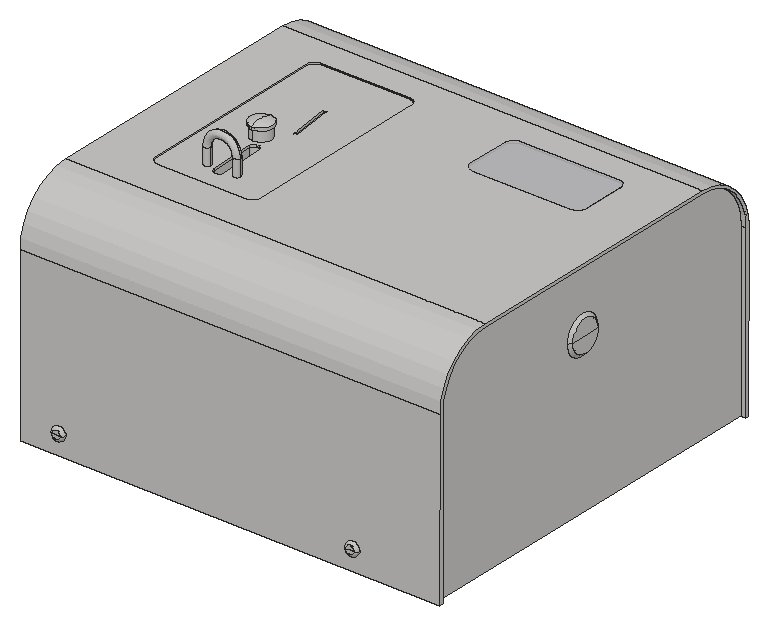
Revit family "PRD_FrankeWS_Cn-oprtdLcks_AQUAPAYCoin-operatedController_AQUA801_AQUA803", category Plumbing Fixtures, host Face, Revit 2018
Family settings
  Host = Face
  Round Connector Dimension = Use Diameter
  Part Type = Normal
  OmniClass Number = 23.45.05.14.99
  OmniClass Title = Other Sanitary Washing Plumbing Fixtures
  Cut with Voids When Loaded = Yes
  Shared = Yes
  Room Calculation Point = No
Parameters (values of type "AQUA801")
  WarrantyStartDate [instance] = "1900-12-31T23:59:59"
  WarrantyGuarantorParts = "n/a"
  WarrantyGuarantorLabor = "n/a"
  WarrantyDurationUnit = "year"
  WarrantyDurationParts = "n/a"
  WarrantyDurationLabor = "n/a"
  WarrantyDescription = "n/a"
  Version = "1"
  Uniclass2015Version = "Products v1.17"
  Uniclass2015Title = "Coin-operated locks"
  Uniclass2015Code = "Pr_30_36_08_15"
  URL = "www.kwc.com"
  TokenCoin = "0.5"
  Status = "New"
  Reference = "n/a"
  ProtectiveSystemIP = "22"
  ProductCode = "210.0636.621"
  PowerSupplyConnection = "24 V DC"
  PowerConsumption = "3"
  GeneralMaterial = PRD_AR_StainlessSteel_Rugged
  TagNumber [instance] = "n/a"
  SustainabilityPerformance = "n/a"
  Size = "240 x 220 x 130 mm (W x H x D)"
  Shape = "Cuboid"
  SerialNumber [instance] = "n/a"
  Revision = "n/a"
  ReplacementCost = "n/a"
  ProductInformation = "https://pim.kwc.com/product/2000100342/attachment/datasheet?locale=en"
  NominalWidth = 240.00 mm
  NominalHeight = 220.00 mm
  NominalDepth = 130.00 mm
  NetWeight = 3.53 kg
  Name = "AQUAPAY Coin-operated controller AQUA801"
  NBSTypeID = "n/a"
  NBSReference = "n/a"
  NBSOfficeMasterTag = "n/a"
  NBSNote = "n/a"
  NBSDescription = "n/a"
  NBSCertification = "n/a"
  ModelReference = "AQUA801"
  ModelNumber = "2000100342"
  Model = ModelReference  # "AQUA801"
  Material = "Stainless steel"
  ManufacturerURL = "www.kwc.com"
  ManufacturerName = "KWC Group AG"  # constant formula
  Manufacturer = ManufacturerName  # "KWC Group AG"
  IntegralAccessories = "n/a"
  InstallationDate [instance] = "1900-12-31T23:59:59"
  IfcExportType = "USERDEFINED"
  IfcExportAs = "IfcControllerType"
  GrossWeight = 3.97 kg
  Grade = "n/a"
  Finish = "rugged"
  Features = "controlling one A3000 open shower fitting"
  ExpectedLife = "n/a"
  DurationUnit = "year"
  Description = "AQUAPAY coin-operated controller for chargeable water delivery for controlling one A3000 open shower fitting. Shower duration for one coin is selectable in steps of one second up to a total of 8 minutes, preset to 3 minutes. Automatic interruption of shower-duration when water is not being withdrawn. Rugged stainless steel housing for on-wall mounting with safety lock. Model for coins EURO 0.50, 24 V DC."
  Default Elevation = 1100.00 mm
  CreatedOn = "07/2021"  # constant formula
  Constituents = "n/a"
  Color = "n/a"
  CodePerformance = "n/a"
  Category = "Pr_30_36_08_15, Coin-operated locks"
  BarCode [instance] = "n/a"
  BIMObjectName = "PRD_AR_Coin-operatedLocks_AQUAPAYCoin-operatedController_AQUA801"
  Author = "Archispace"  # constant formula
  AssetType = "Fixed"
  AssetIdentifier [instance] = "n/a"
  Application = "Shower taps"
  AccessibilityPerformance = "n/a"
  AQUA803 = not(AQUA801)  # no
  AQUA801 = yes
Types (2, lengths in mm): name | ProductCode | PowerConsumption | ProductInformation | Name | ModelReference | ModelNumber | Model | Features | Description | BIMObjectName | AQUA803 | AQUA801
  AQUA801 | "210.0636.621" | "3" | "https://pim.kwc.com/product/2000100342/attachment/datasheet?locale=en" | "AQUAPAY Coin-operated controller AQUA801" | "AQUA801" | "2000100342" | "AQUA801" | "controlling one A3000 open shower fitting" | "AQUAPAY coin-operated controller for chargeable water delivery for controlling one A3000 open shower fitting. Shower duration for one coin is selectable in steps of one second up to a total of 8 minutes, preset to 3 minutes. Automatic interruption of shower-duration when water is not being withdrawn. Rugged stainless steel housing for on-wall mounting with safety lock. Model for coins EURO 0.50, 24 V DC." | "PRD_AR_Coin-operatedLocks_AQUAPAYCoin-operatedController_AQUA801" | no | yes
  AQUA803 | "210.0636.622" | "10" | "https://pim.kwc.com/product/2000100419/attachment/datasheet?locale=en" | "AQUAPAY Coin-operated controller AQUA803" | "AQUA803" | "2000100419" | "AQUA803" | "controlling 2 - 31 A3000 open shower fittings" | "AQUAPAY coin-operated controller for chargeable water delivery for controlling 2 - 31 A3000 open shower fittings. Display for user guide and showing free showers, selectable via key. Shower duration for one coin is selectable in steps of one second up to a total of 8 minutes, preset to 3 minutes. Automatic interruption of shower-duration when water is not being withdrawn. Rugged stainless steel housing for on-wall mounting with safety lock. Model for coins EURO 0.50, 24 V DC." | "PRD_AR_Coin-operatedLocks_AQUAPAYCoin-operatedController_AQUA803" | yes | no
Reference planes
  plane 1 "Center (Front/Back)": y = 0
  plane 2: z = 0
  plane 3 "Center (Left/Right)": x = 0
Lines and regions (mm)
  symbolic lines, style "PlumbingFixtures", detail levels fine
    curve 1: line (0, 23.519, 0) -> (0, -23.519, 0)
Dimensions and locks
  aligned and locked: plane 2 to host face
  aligned and locked: level to host face
  aligned and locked: level to nested 1
  aligned and locked: plane 1 "Center (Front/Back)" to nested 1
Nested families
  nested 1: "Controller" at (0, 0, 0) x (1, 0, 0) z (0, 1, 0), Button <- "AQUA803", type "Controller"
    with Cutout 0.00 mm, Button no
Definition of nested family "Controller"
  Parameters (values of type "Controller")
    width = 240.00 mm
    SecondaryMaterial = none
    ScreenMaterial = none
    Material = none
    Default Elevation = 1219.20 mm
    Cutout [instance] = if(Button, 0.50 mm, 0.00 mm)  # 0.50 mm
    Button [instance] = yes
  Reference planes
    plane 1 "Center (Front/Back)": y = 0
    plane 2: z = 0
    plane 3 "Center (Left/Right)": x = 0
    plane 4: x = -120
    plane 5: x = 120
    plane 6: z = 220
    plane 7: y = -130
    plane 8: y = -129.5
  Forms (mm)
    Extrusion 1, solid, material <- "Material", detail levels fine
      sketch origin (0, 0, 0) x (0, 1, 0) y (0, 0, 1)
        loop
          line (0, 0) -> (0, 1.5) -> (-97.5, 1.5)
          arc (-97.5, 1.5) -> (-119.42, 10.58) -> (-128.5, 32.5) r 31
          line (-128.5, 32.5) -> (-128.5, 187.5)
          arc (-128.5, 187.5) -> (-119.42, 209.42) -> (-97.5, 218.5) r 31
          line (-97.5, 218.5) -> (0, 218.5) -> (0, 220) -> (-97.5, 220)
          arc (-97.5, 220) -> (-120.481, 210.481) -> (-130, 187.5) r 32.5
          line (-130, 187.5) -> (-130, 32.5)
          arc (-130, 32.5) -> (-120.481, 9.519) -> (-97.5, 0) r 32.5
          line (-97.5, 0) -> (0, 0)
      from -120 to 120
    Extrusion 2, solid, material <- "Material", detail levels fine
      sketch origin (0, 0, 0) x (0, 1, 0) y (0, 0, 1)
        loop
          line (0, 1.5) -> (0, 218.5) -> (-97.5, 218.5)
          arc (-97.5, 218.5) -> (-119.42, 209.42) -> (-128.5, 187.5) r 31
          line (-128.5, 187.5) -> (-128.5, 32.5)
          arc (-128.5, 32.5) -> (-119.42, 10.58) -> (-97.5, 1.5) r 31
          line (-97.5, 1.5) -> (0, 1.5)
      from -117 to 117
    Revolve 3, solid, material <- "SecondaryMaterial", detail levels fine
      sketch origin (-419.993, -91.6, 583.704) x (0, 0, -1) y (1, 0, 0)
        loop
          line (467.704, 536.993) -> (478.704, 536.993) -> (478.704, 538.993) -> (469.704, 538.993) -> (467.704, 536.993)
        axis (478.704, 536.993) -> (478.704, 538.993)
      angle from 0 to 360
    Extrusion 4, void
      sketch origin (0, 0, 0) x (1, 0, 0) y (0, 0, 1)
        loop
          line (-84.9, 54.2) -> (-34.8, 54.2)
          arc (-34.8, 54.2) -> (-31.194, 55.694) -> (-29.7, 59.3) r 5.1
          line (-29.7, 59.3) -> (-29.7, 166.4)
          arc (-29.7, 166.4) -> (-31.194, 170.006) -> (-34.8, 171.5) r 5.1
          line (-34.8, 171.5) -> (-84.9, 171.5)
          arc (-84.9, 171.5) -> (-88.506, 170.006) -> (-90, 166.4) r 5.1
          line (-90, 166.4) -> (-90, 59.3)
          arc (-90, 59.3) -> (-88.506, 55.694) -> (-84.9, 54.2) r 5.1
      from 129.5 to 132
    Extrusion 5, void
      sketch origin (0, 0, 0) x (1, 0, 0) y (0, 0, 1)
        loop
          arc (-18.5, 171.2) -> (-21.328, 170.028) -> (-22.5, 167.2) r 4
          line (-22.5, 167.2) -> (-22.5, 58.2)
          arc (-22.5, 58.2) -> (-21.328, 55.372) -> (-18.5, 54.2) r 4
          line (-18.5, 54.2) -> (12.5, 54.2)
          arc (12.5, 54.2) -> (15.328, 55.372) -> (16.5, 58.2) r 4
          line (16.5, 58.2) -> (16.5, 167.2)
          arc (16.5, 167.2) -> (15.328, 170.028) -> (12.5, 171.2) r 4
          line (12.5, 171.2) -> (-18.5, 171.2)
      from 129.5 to 132
    Extrusion 6, void
      sketch origin (0, 0, 0) x (1, 0, 0) y (0, 0, 1)
        loop
          arc (23.7, 142.4) -> (25.223, 138.723) -> (28.9, 137.2) r 5.2
          line (28.9, 137.2) -> (84.8, 137.2)
          arc (84.8, 137.2) -> (88.477, 138.723) -> (90, 142.4) r 5.2
          line (90, 142.4) -> (90, 166.3)
          arc (90, 166.3) -> (88.477, 169.977) -> (84.8, 171.5) r 5.2
          line (84.8, 171.5) -> (28.9, 171.5)
          arc (28.9, 171.5) -> (25.223, 169.977) -> (23.7, 166.3) r 5.2
          line (23.7, 166.3) -> (23.7, 142.4)
      from 129 to 132
    Extrusion 7, solid, material <- "ScreenMaterial", detail levels fine
      sketch origin (0, 0, 0) x (1, 0, 0) y (0, 0, 1)
        loop
          arc (23.7, 142.4) -> (25.223, 138.723) -> (28.9, 137.2) r 5.2
          line (28.9, 137.2) -> (84.8, 137.2)
          arc (84.8, 137.2) -> (88.477, 138.723) -> (90, 142.4) r 5.2
          line (90, 142.4) -> (90, 166.3)
          arc (90, 166.3) -> (88.477, 169.977) -> (84.8, 171.5) r 5.2
          line (84.8, 171.5) -> (28.9, 171.5)
          arc (28.9, 171.5) -> (25.223, 169.977) -> (23.7, 166.3) r 5.2
          line (23.7, 166.3) -> (23.7, 142.4)
      from 129 to 130
    Extrusion 8, void
      sketch origin (0, 0, 0) x (1, 0, 0) y (0, 0, 1)
        loop
          line (-58.487, 139.118) -> (-55.725, 114.875) -> (-53.688, 115.107) -> (-56.45, 139.35) -> (-58.487, 139.118)
        loop
          line (-64.112, 93.192) -> (-62.978, 67.216)
          arc (-62.978, 67.216) -> (-59.85, 64.35) -> (-56.984, 67.478) r 3
          line (-56.984, 67.478) -> (-58.118, 93.453)
          arc (-58.118, 93.453) -> (-61.246, 96.32) -> (-64.112, 93.192) r 3
      from 120 to 130
    Revolve 9, solid, material <- "SecondaryMaterial", detail levels fine
      sketch origin (-65.75, 0, 0) x (0, 1, 0) y (0, 0, 1)
        loop
          arc (-138.481, 104.35) -> (-138.1, 100.99) -> (-136.976, 97.8) r 15
          line (-136.976, 97.8) -> (-135.5, 97.8) -> (-135.5, 98.6) -> (-129.5, 98.6) -> (-129.5, 104.35) -> (-138.481, 104.35)
        axis (-129.5, 104.35) -> (-138.481, 104.35)
      angle from 0 to 360
    Sweep 10, solid, material <- "SecondaryMaterial", detail levels fine
      path origin (0, 0, 69.35) x (1, 0, 0) y (0, 1, 0)
        loop
          line (-51.681, -129.5) -> (-51.681, -138.88)
          arc (-51.681, -138.88) -> (-60.106, -147.305) -> (-68.531, -138.88) r 8.425
          line (-68.531, -138.88) -> (-68.531, -129.5)
      profile origin (-51.681, -134.19, 69.35) x (1, 0, 0) y (0, 0, 1)
        loop
          circle (0, 0) r 2
    Revolve 11, solid, material <- "SecondaryMaterial", visible <- "Button", detail levels fine
      sketch origin (0, 0, 92.2) x (1, 0, 0) y (0, 1, 0)
        loop
          line (56.85, -130) -> (44.35, -130) -> (44.35, -130.8) -> (49.35, -132) -> (56.85, -132) -> (56.85, -130)
        axis (56.85, -130) -> (56.85, -132)
      angle from 0 to 360
    Revolve 12, solid, material <- "SecondaryMaterial", detail levels fine
      sketch origin (0, -11.625, 0) x (1, 0, 0) y (0, 0, 1)
        loop
          arc (-101.739, 0) -> (-101.385, -1.172) -> (-100.439, -1.95) r 2.113
          line (-100.439, -1.95) -> (-97.939, -1.95) -> (-97.939, 0) -> (-101.739, 0)
        axis (-97.939, -1.95) -> (-97.939, 0)
      angle from 0 to 360
    Revolve 13, solid, material <- "SecondaryMaterial", detail levels fine
      sketch origin (-27.939, -11.625, 0) x (-1, 0, 0) y (0, 0, -1)
        loop
          line (-101.739, 0) -> (-97.939, 0) -> (-97.939, 1.95) -> (-100.439, 1.95)
          arc (-100.439, 1.95) -> (-101.385, 1.172) -> (-101.739, 0) r 2.113
        axis (-97.939, 1.95) -> (-97.939, 0)
      angle from 0 to 360
    Extrusion 14, solid, material <- "Material", detail levels fine
      sketch origin (0, 0, 0) x (0, 1, 0) y (0, 0, 1)
        loop
          line (0, 1.5) -> (0, 218.5) -> (-97.5, 218.5)
          arc (-97.5, 218.5) -> (-119.42, 209.42) -> (-128.5, 187.5) r 31
          line (-128.5, 187.5) -> (-128.5, 32.5)
          arc (-128.5, 32.5) -> (-119.42, 10.58) -> (-97.5, 1.5) r 31
          line (-97.5, 1.5) -> (0, 1.5)
      from -117 to 117
    Extrusion 15, solid, material <- "Material", detail levels medium
      sketch origin (0, 0, 0) x (0, 1, 0) y (0, 0, 1)
        loop
          line (0, 0) -> (0, 220) -> (-97.5, 220)
          arc (-97.5, 220) -> (-120.481, 210.481) -> (-130, 187.5) r 32.5
          line (-130, 187.5) -> (-130, 32.5)
          arc (-130, 32.5) -> (-120.481, 9.519) -> (-97.5, 0) r 32.5
          line (-97.5, 0) -> (0, 0)
      from -120 to 120
    Extrusion 16, solid, material <- "Material", detail levels coarse
      sketch origin (0, 0, 0) x (0, 1, 0) y (0, 0, 1)
        loop
          line (0, 220) -> (-130, 220) -> (-130, 0) -> (0, 0) -> (0, 220)
      from -120 to 120
    Revolve 17, solid, material <- "Material", detail levels medium
      sketch origin (-65.75, 0, 0) x (0, 1, 0) y (0, 0, 1)
        loop
          line (-138.481, 104.35) -> (-138.481, 97.8) -> (-129.5, 97.8) -> (-129.5, 104.35) -> (-138.481, 104.35)
        axis (-129.5, 104.35) -> (-138.481, 104.35)
      angle from 0 to 360
    Extrusion 18, solid, material <- "SecondaryMaterial", visible <- "Button", detail levels medium
      sketch origin (0, 0, 0) x (1, 0, 0) y (0, 0, 1)
        loop
          circle (56.85, 92.2) r 12.5
      from 130 to 132
  Cuts and joins
    Extrusion 4, Extrusion 5, Extrusion 6, Extrusion 8 cuts Extrusion 1
    Extrusion 8 cuts Extrusion 2
    Extrusion 8 cuts Extrusion 14
    joined: Extrusion 15, Revolve 17
  Dimensions and locks
    plane 6 to level = 220.00 mm
    equal spacing: plane 4, plane 3 "Center (Left/Right)", plane 5
    "width": plane 4 to plane 5
    plane 1 "Center (Front/Back)" to plane 7 = 130.00 mm
    "Cutout": plane 8 to plane 7
    aligned and locked: level to plane 2
    aligned and locked: plane 4 to Extrusion 1
    aligned and locked: Extrusion 1 to plane 5
    aligned and locked: plane 1 "Center (Front/Back)" to Extrusion 2 sketch curve
    aligned and locked: Extrusion 5 to plane 8
  Automatic sketch dimensions
    Extrusion 1 sketch curve to Extrusion 1 sketch curve = 0.00 mm  (x4)
    Extrusion 1 sketch curve to plane 7 = 0.00 mm
    Extrusion 1 sketch curve to plane 6 = 0.00 mm
    Extrusion 1 sketch curve to level = 0.00 mm
    Extrusion 1 sketch curve to plane 1 "Center (Front/Back)" = 0.00 mm  (x2)
    plane 7 to Extrusion 1 sketch curve = 1.50 mm
    plane 7 to Extrusion 1 sketch curve = 32.50 mm  (x2)
    plane 7 to Extrusion 2 sketch curve = 32.50 mm  (x2)
    plane 7 to Extrusion 2 sketch curve = 1.50 mm
    level to Extrusion 2 sketch curve = 1.50 mm
    Extrusion 2 sketch curve to plane 6 = 32.50 mm
    plane 5 to Revolve 3 sketch curve = 3.00 mm
    Revolve 3 sketch curve to plane 6 = 104.00 mm
    plane 5 to Revolve 3 sketch curve = 1.00 mm
    Revolve 3 sketch curve to Revolve 3 sketch curve = 2.00 mm
    Revolve 3 sketch curve to Revolve 3 sketch curve = 9.00 mm
    Revolve 3 sketch curve to Revolve 3 sketch curve = 0.00 mm
    Revolve 3 sketch curve to Revolve 3 sketch curve = 1.00 mm
    Revolve 3 sketch curve to plane 5 = 1.785 mm
    Extrusion 4 sketch curve to plane 4 = 30.00 mm
    Extrusion 4 sketch curve to Extrusion 4 sketch curve = 5.10 mm  (x3)
    Extrusion 4 sketch curve to plane 3 "Center (Left/Right)" = 34.80 mm  (x2)
    level to Extrusion 4 sketch curve = 54.20 mm
    Extrusion 4 sketch curve to plane 6 = 53.60 mm
    plane 3 "Center (Left/Right)" to Extrusion 6 sketch curve = 23.70 mm
    Extrusion 6 sketch curve to Extrusion 6 sketch curve = 5.20 mm  (x3)
    plane 5 to Extrusion 6 sketch curve = 35.20 mm
    Extrusion 6 sketch curve to Extrusion 6 sketch curve = 0.00 mm
    Extrusion 6 sketch curve to plane 6 = 82.80 mm
    Extrusion 6 sketch curve to Extrusion 6 sketch curve = 23.90 mm
    plane 3 "Center (Left/Right)" to Extrusion 7 sketch curve = 23.70 mm
    Extrusion 7 sketch curve to Extrusion 7 sketch curve = 5.20 mm  (x3)
    plane 5 to Extrusion 7 sketch curve = 35.20 mm
    Extrusion 7 sketch curve to Extrusion 7 sketch curve = 0.00 mm
    Extrusion 7 sketch curve to plane 6 = 82.80 mm
    Extrusion 7 sketch curve to Extrusion 7 sketch curve = 23.90 mm
    Extrusion 8 sketch curve to plane 4 = 55.888 mm
    Extrusion 8 sketch curve to Extrusion 8 sketch curve = 1.134 mm
    Extrusion 8 sketch curve to Extrusion 8 sketch curve = 2.997 mm  (x4)
    Extrusion 8 sketch curve to Extrusion 8 sketch curve = 2.628 mm
    Extrusion 8 sketch curve to Extrusion 8 sketch curve = 2.037 mm
    Extrusion 8 sketch curve to Extrusion 8 sketch curve = 2.393 mm
    level to Extrusion 8 sketch curve = 67.216 mm
    Extrusion 8 sketch curve to Extrusion 8 sketch curve = 0.131 mm  (x2)
    Extrusion 8 sketch curve to Extrusion 8 sketch curve = 25.975 mm
    Extrusion 8 sketch curve to Extrusion 8 sketch curve = 21.422 mm
    Extrusion 8 sketch curve to Extrusion 8 sketch curve = 0.232 mm
    Revolve 9 sketch curve to plane 7 = 8.481 mm
    Revolve 9 sketch curve to Revolve 9 sketch curve = 1.506 mm
    Revolve 9 sketch curve to Revolve 9 sketch curve = 1.476 mm
    plane 7 to Revolve 9 sketch curve = 0.50 mm
    Revolve 9 sketch curve to Revolve 9 sketch curve = 6.019 mm
    level to Revolve 9 sketch curve = 97.80 mm
    Revolve 9 sketch curve to Revolve 9 sketch curve = 0.80 mm
    Revolve 9 sketch curve to Revolve 9 sketch curve = 4.176 mm
    Revolve 9 sketch curve to Revolve 9 sketch curve = 4.241 mm
    Revolve 9 sketch curve to Revolve 9 sketch curve = 0.00 mm
    Sweep 10 sketch curve to plane 7 = 8.88 mm
    Sweep 10 sketch curve to plane 4 = 51.469 mm
    Sweep 10 sketch curve to Sweep 10 sketch curve = 8.425 mm
    plane 7 to Sweep 10 sketch curve = 0.50 mm  (x2)
    profile plane to Sweep 10 sketch curve = 0.00 mm
    Sweep 10 sketch curve to profile plane = 0.00 mm
    Revolve 11 sketch curve to plane 7 = 0.00 mm
    plane 3 "Center (Left/Right)" to Revolve 11 sketch curve = 44.35 mm
    Revolve 11 sketch curve to plane 7 = 2.00 mm
    Revolve 11 sketch curve to Revolve 11 sketch curve = 5.00 mm
    Revolve 11 sketch curve to Revolve 11 sketch curve = 7.50 mm
    Revolve 11 sketch curve to Revolve 11 sketch curve = 0.80 mm
    Revolve 11 sketch curve to Revolve 11 sketch curve = 0.00 mm  (x2)
    Revolve 11 sketch curve to Revolve 11 sketch curve = 1.80 mm
    Revolve 12 sketch curve to level = 0.00 mm
    Revolve 12 sketch curve to plane 4 = 18.261 mm
    Revolve 12 sketch curve to Revolve 12 sketch curve = 1.30 mm
    Revolve 12 sketch curve to Revolve 12 sketch curve = 0.813 mm
    Revolve 12 sketch curve to Revolve 12 sketch curve = 2.50 mm
    Revolve 12 sketch curve to Revolve 12 sketch curve = 0.00 mm
    level to Revolve 12 sketch curve = 0.796 mm
    Revolve 12 sketch curve to Revolve 12 sketch curve = 1.695 mm
    Revolve 13 sketch curve to level = 0.00 mm
    plane 5 to Revolve 13 sketch curve = 46.20 mm
    Revolve 13 sketch curve to Revolve 13 sketch curve = 1.30 mm
    Revolve 13 sketch curve to Revolve 13 sketch curve = 0.813 mm
    Revolve 13 sketch curve to Revolve 13 sketch curve = 2.50 mm
    Revolve 13 sketch curve to Revolve 13 sketch curve = 0.00 mm
    Revolve 13 sketch curve to Revolve 13 sketch curve = 0.796 mm
    Revolve 13 sketch curve to Revolve 13 sketch curve = 1.695 mm
    Extrusion 14 sketch curve to plane 1 "Center (Front/Back)" = 0.00 mm
    plane 7 to Extrusion 14 sketch curve = 32.50 mm  (x2)
    plane 7 to Extrusion 14 sketch curve = 1.50 mm
    level to Extrusion 14 sketch curve = 1.50 mm
    Extrusion 14 sketch curve to plane 6 = 32.50 mm
    Extrusion 15 sketch curve to plane 7 = 0.00 mm
    Extrusion 15 sketch curve to plane 6 = 0.00 mm
    Extrusion 15 sketch curve to level = 0.00 mm
    Extrusion 15 sketch curve to plane 1 "Center (Front/Back)" = 0.00 mm
    level to Extrusion 15 sketch curve = 32.50 mm
    Extrusion 15 sketch curve to plane 6 = 32.50 mm
    Extrusion 16 sketch curve to plane 6 = 0.00 mm
    Extrusion 16 sketch curve to plane 7 = 0.00 mm
    Extrusion 16 sketch curve to level = 0.00 mm
    Extrusion 16 sketch curve to plane 1 "Center (Front/Back)" = 0.00 mm
    Revolve 17 sketch curve to plane 7 = 8.481 mm
    plane 7 to Revolve 17 sketch curve = 0.50 mm
    level to Revolve 17 sketch curve = 97.80 mm
    Revolve 17 sketch curve to Revolve 17 sketch curve = 6.55 mm
    Revolve 17 sketch curve to Revolve 17 sketch curve = 4.176 mm
    Revolve 17 sketch curve to Revolve 17 sketch curve = 4.241 mm
    Revolve 17 sketch curve to Revolve 17 sketch curve = 0.00 mm
    plane 3 "Center (Left/Right)" to Extrusion 18 sketch curve = 56.85 mm
    level to Extrusion 18 sketch curve = 92.20 mm
    Extrusion 5 sketch curve to plane 3 "Center (Left/Right)" = 22.50 mm
    Extrusion 5 sketch curve to Extrusion 5 sketch curve = 4.00 mm  (x3)
    plane 3 "Center (Left/Right)" to Extrusion 5 sketch curve = 12.50 mm  (x2)
    level to Extrusion 5 sketch curve = 54.20 mm
    Extrusion 5 sketch curve to plane 6 = 52.80 mm
    radius of Sweep 10 sketch curve = 2.00 mm
    radius of Extrusion 18 sketch curve = 12.50 mm
